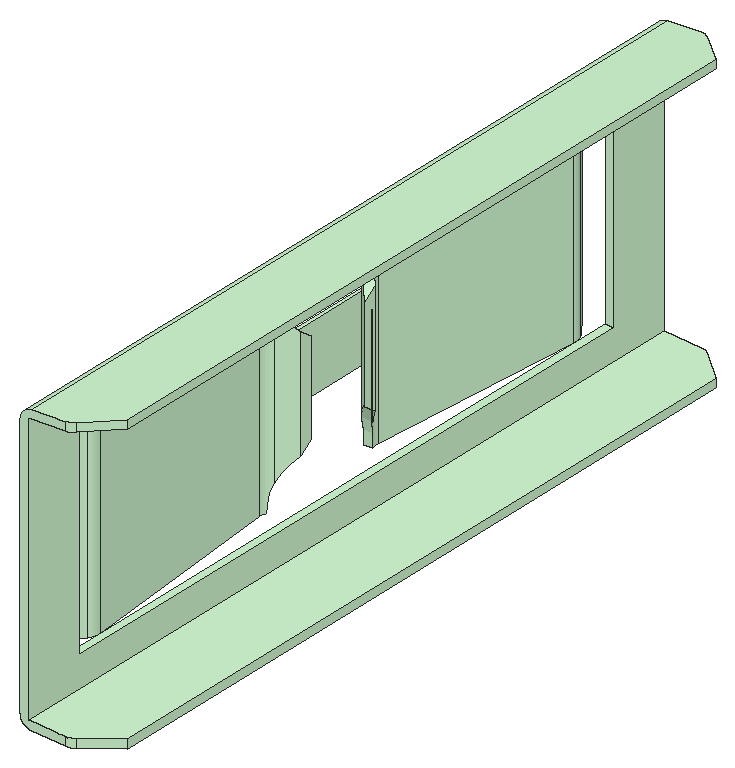
Revit family "CC-19用ジョイント", category 機械設備, Revit 2020
Family settings
  丸型コネクタ寸法 = 直径を使用
  種別 = なし
  パーツ タイプ = 標準
  作業面ベース = いいえ
  常に垂直 = はい
  ロード時にボイドで切り取り = いいえ
  共有 = いいえ
  部屋計算ポイント = いいえ
Parameters (values of type "CC-19用ジョイント")
  製造元 = "株式会社桐井製作所"
  既定の高さ = 0 mm
  URL = "https://www.kirii.co.jp/"
  K_材質 = "SGCC　一般用"
  K_品名 = "CC-19用ジョイント"
  K_名称 = "野縁受けジョイント"
  K_単位質量(kg/個) = 0.037
  K_入数 = "300"
  K_バージョン情報 = "20210524"
  K_めっき付着量 = "Z12"
  K_JIS規格 = "JIS G 3302"
  K_JIS外 [instance] = not(K_JIS)  # yes
  K_JIS [instance] = no
Reference planes
  plane 1 "中心(正面/背面)": y = 0
  plane 2: z = 0
  plane 3 "中心(左/右)": x = 0
Forms (mm)
  Extrusion 1, solid
    sketch origin (2.7, 0, 0) x (1, 0, 0) y (0, 0, 1)
      loop
        line (-11.7, -16.179) -> (-11.7, 16.179) -> (-2.7, 16.599) -> (-2.7, 17.6) -> (-11.27, 17.2)
        arc (-11.27, 17.2) -> (-12.285, 16.737) -> (-12.7, 15.702) r 1.5
        line (-12.7, 15.702) -> (-12.7, -15.702)
        arc (-12.7, -15.702) -> (-12.285, -16.737) -> (-11.27, -17.2) r 1.5
        line (-11.27, -17.2) -> (-2.715, -17.599) -> (-2.715, -16.598) -> (-11.7, -16.179)
    from -47.5 to 47.5
  Extrusion 2, solid
    sketch origin (-7.559, -7.561, 0) x (1, 0, 0) y (0, 1, 0)
      loop
        line (-2.441, 2.059) -> (-2.441, 3.511) -> (-4.966, 0.855)
        arc (-4.966, 0.855) -> (-5.596, -0.147) -> (-5.79, -1.315) r 3
        arc (-5.79, -1.315) -> (-4.972, -14.885) -> (-3.447, -28.395) r 260.45
        line (-3.447, -28.395) -> (-5.639, -31.344) -> (-4.837, -31.941) -> (-2.889, -29.32)
        arc (-2.889, -29.32) -> (-2.557, -28.624) -> (-2.513, -27.854) r 2
        arc (-2.513, -27.854) -> (-3.993, -14.596) -> (-4.79, -1.28) r 259.45
        arc (-4.79, -1.28) -> (-4.661, -0.502) -> (-4.241, 0.166) r 2
        line (-4.241, 0.166) -> (-2.441, 2.059)
      loop
        line (-4.837, 47.059) -> (-5.639, 46.463) -> (-3.447, 43.513)
        arc (-3.447, 43.513) -> (-4.972, 30.004) -> (-5.79, 16.433) r 260.45
        arc (-5.79, 16.433) -> (-5.596, 15.265) -> (-4.966, 14.264) r 3
        line (-4.966, 14.264) -> (-2.441, 11.608) -> (-2.441, 13.059) -> (-4.241, 14.953)
        arc (-4.241, 14.953) -> (-4.661, 15.621) -> (-4.79, 16.399) r 2
        arc (-4.79, 16.399) -> (-3.993, 29.715) -> (-2.513, 42.972) r 259.45
        arc (-2.513, 42.972) -> (-2.557, 43.742) -> (-2.889, 44.438) r 2
        line (-2.889, 44.438) -> (-4.837, 47.059)
    from -12.5 to 12.5
  Extrusion 3, solid
    sketch origin (-7.559, -7.54, 0) x (1, 0, 0) y (0, 1, 0)
      loop
        arc (-6.208, 30.771) -> (-7.241, 7.521) -> (-6.204, -15.729) r 261.75
        line (-6.204, -15.729) -> (-4.688, -17.979)
        arc (-4.688, -17.979) -> (-5.372, -9.665) -> (-5.79, -1.334) r 260.45
        arc (-5.79, -1.334) -> (-5.941, 7.54) -> (-5.79, 16.414) r 260.45
        arc (-5.79, 16.414) -> (-5.373, 24.726) -> (-4.691, 33.021) r 260.45
        line (-4.691, 33.021) -> (-6.208, 30.771)
    from -4 to 4
  Extrusion 4, void
    sketch origin (0, 0, 0) x (0, 1, 0) y (0, 0, 1)
      loop
        arc (-8, 12.5) -> (0, 4.5) -> (8, 12.5) r 8
        line (8, 12.5) -> (-8, 12.5)
      loop
        arc (8, -12.5) -> (0, -4.5) -> (-8, -12.5) r 8
        line (-8, -12.5) -> (8, -12.5)
    from -13.289 to -10
  Extrusion 5, void
    sketch origin (2.7, 0, 0) x (0, 1, 0) y (0, 0, 1)
      loop
        line (40, 12.5) -> (-40, 12.5) -> (-40, -12.5) -> (40, -12.5) -> (40, 12.5)
    from -12.7 to -11.7
  Extrusion 6, void
    sketch origin (0, 0, 0) x (1, 0, 0) y (0, 1, 0)
      loop
        line (-3.574, 47.122) -> (0, 43.95) -> (0, 47.5) -> (-4.57, 47.5)
        arc (-4.57, 47.5) -> (-4.037, 47.402) -> (-3.574, 47.122) r 1.5
      loop
        line (0, -43.95) -> (-3.574, -47.122)
        arc (-3.574, -47.122) -> (-4.037, -47.402) -> (-4.57, -47.5) r 1.5
        line (-4.57, -47.5) -> (0, -47.5) -> (0, -43.95)
    from 16.245 to 18.824
  Extrusion 7, void
    sketch origin (0, 0, -35) x (1, 0, 0) y (0, 1, 0)
      loop
        line (-3.574, 47.122) -> (0, 43.95) -> (0, 47.5) -> (-4.57, 47.5)
        arc (-4.57, 47.5) -> (-4.037, 47.402) -> (-3.574, 47.122) r 1.5
      loop
        line (0, -43.95) -> (-3.574, -47.122)
        arc (-3.574, -47.122) -> (-4.037, -47.402) -> (-4.57, -47.5) r 1.5
        line (-4.57, -47.5) -> (0, -47.5) -> (0, -43.95)
    from 16.245 to 18.824
Cuts and joins
  Extrusion 4, Extrusion 5, Extrusion 6, Extrusion 7 cuts Extrusion 1
  Extrusion 4 cuts Extrusion 2
Dimensions and locks
  aligned and locked: level to plane 2
